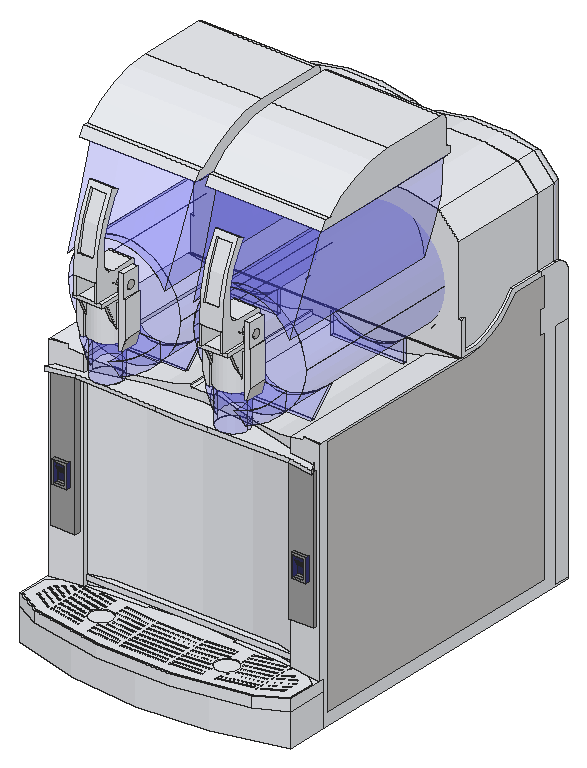
Revit family "QF_ELECTROLUXPROFESSIONAL_560022_NINA2", category Specialty Equipment, Revit 2018 (continued)
Automatic sketch dimensions
  Extrusion 11 sketch curve to Extrusion 11 sketch curve = 2.477 mm  (x2)
  Extrusion 11 sketch curve to Extrusion 11 sketch curve = 5.827 mm  (x2)
  Extrusion 11 sketch curve to Extrusion 11 sketch curve = 20.0 mm
  Extrusion 11 sketch curve to plane 12 = 92.565 mm  (x2)
  plane 8 "RIGHT" to Extrusion 12 sketch curve = 0.0 mm
  Extrusion 12 sketch curve to plane 3 "Center (Left/Right)" = 0.0 mm
  Extrusion 12 sketch curve to plane 7 "LEFT" = 0.0 mm
  plane 8 "RIGHT" to Extrusion 12 sketch curve = 3.0 mm
  plane 8 "RIGHT" to Extrusion 12 sketch curve = 23.451 mm
  plane 3 "Center (Left/Right)" to Extrusion 12 sketch curve = 65.0 mm
  plane 3 "Center (Left/Right)" to Extrusion 12 sketch curve = 13.451 mm
  Extrusion 12 sketch curve to plane 3 "Center (Left/Right)" = 13.451 mm
  Extrusion 12 sketch curve to plane 3 "Center (Left/Right)" = 65.0 mm
  plane 7 "LEFT" to Extrusion 12 sketch curve = 23.451 mm
  plane 7 "LEFT" to Extrusion 12 sketch curve = 3.0 mm
  plane 4 "FEET" to Extrusion 12 sketch curve = 205.938 mm
  Extrusion 12 sketch curve to Extrusion 12 sketch curve = 0.0 mm
  Extrusion 12 sketch curve to Extrusion 12 sketch curve = 35.215 mm
  Extrusion 12 sketch curve to Extrusion 12 sketch curve = 58.594 mm
  Extrusion 12 sketch curve to Extrusion 12 sketch curve = 58.604 mm
  Extrusion 12 sketch curve to Extrusion 12 sketch curve = 71.542 mm
  Extrusion 12 sketch curve to Extrusion 12 sketch curve = 71.552 mm
  Extrusion 12 sketch curve to plane 12 = 99.151 mm
  Extrusion 12 sketch curve to Extrusion 12 sketch curve = 5.164 mm
  Extrusion 12 sketch curve to Extrusion 12 sketch curve = 22.714 mm
  plane 8 "RIGHT" to Sweep 13 sketch curve = 0.0 mm
  Sweep 13 sketch curve to plane 3 "Center (Left/Right)" = 0.0 mm
  Sweep 13 sketch curve to plane 7 "LEFT" = 0.0 mm
  plane 8 "RIGHT" to Sweep 13 sketch curve = 3.0 mm
  plane 8 "RIGHT" to Sweep 13 sketch curve = 23.451 mm
  plane 3 "Center (Left/Right)" to Sweep 13 sketch curve = 65.0 mm
  plane 3 "Center (Left/Right)" to Sweep 13 sketch curve = 13.451 mm
  Sweep 13 sketch curve to plane 3 "Center (Left/Right)" = 13.451 mm
  Sweep 13 sketch curve to plane 3 "Center (Left/Right)" = 65.0 mm
  plane 7 "LEFT" to Sweep 13 sketch curve = 23.451 mm
  plane 7 "LEFT" to Sweep 13 sketch curve = 3.0 mm
  plane 4 "FEET" to Sweep 13 sketch curve = 205.938 mm
  Sweep 13 sketch curve to Sweep 13 sketch curve = 0.0 mm
  Sweep 13 sketch curve to Sweep 13 sketch curve = 93.809 mm
  Sweep 13 sketch curve to Sweep 13 sketch curve = 93.819 mm
  Sweep 13 sketch curve to Sweep 13 sketch curve = 71.552 mm
  Sweep 13 sketch curve to Sweep 13 sketch curve = 71.542 mm
  Sweep 13 sketch curve to plane 12 = 99.151 mm
  Sweep 13 sketch curve to Sweep 13 sketch curve = 5.164 mm  (x2)
  Sweep 13 sketch curve to profile plane = 0.0 mm
  plane 6 "BACK" to Sweep 13 sketch curve = 0.0 mm
  Sweep 13 sketch curve to Sweep 13 sketch curve = 14.0 mm
  plane 8 "RIGHT" to Extrusion 14 sketch curve = 26.817 mm
  Extrusion 14 sketch curve to Extrusion 14 sketch curve = 48.183 mm  (x2)
  plane 3 "Center (Left/Right)" to Extrusion 14 sketch curve = 16.817 mm
  Extrusion 14 sketch curve to plane 3 "Center (Left/Right)" = 16.817 mm
  plane 7 "LEFT" to Extrusion 14 sketch curve = 26.817 mm
  Extrusion 14 sketch curve to plane 12 = 241.012 mm
  Extrusion 14 sketch curve to Extrusion 14 sketch curve = 0.0 mm
  Extrusion 14 sketch curve to Extrusion 14 sketch curve = 18.033 mm  (x2)
  Extrusion 14 sketch curve to Extrusion 14 sketch curve = 90.124 mm  (x2)
  plane 8 "RIGHT" to Extrusion 15 sketch curve = 0.0 mm
  Extrusion 15 sketch curve to plane 7 "LEFT" = 0.0 mm
  plane 3 "Center (Left/Right)" to Extrusion 15 sketch curve = 56.141 mm
  Extrusion 15 sketch curve to plane 3 "Center (Left/Right)" = 56.141 mm
  plane 4 "FEET" to Extrusion 15 sketch curve = 2.0 mm  (x2)
  Extrusion 15 sketch curve to Extrusion 15 sketch curve = 28.419 mm
  Extrusion 15 sketch curve to Extrusion 15 sketch curve = 210.734 mm
  Extrusion 16 sketch curve to plane 9 = 72.46 mm
  Extrusion 16 sketch curve to plane 9 = 69.326 mm
  Extrusion 16 sketch curve to plane 9 = 8.015 mm
  plane 9 to Extrusion 16 sketch curve = 30.0 mm
  Extrusion 16 sketch curve to plane 12 = 225.0 mm
  Extrusion 16 sketch curve to Extrusion 16 sketch curve = 31.747 mm
  plane 9 to Extrusion 17 sketch curve = 30.0 mm
  Extrusion 17 sketch curve to plane 9 = 8.015 mm
  Extrusion 17 sketch curve to plane 9 = 53.679 mm
  Extrusion 17 sketch curve to plane 9 = 69.326 mm
  Extrusion 17 sketch curve to plane 12 = 223.415 mm
  Extrusion 17 sketch curve to Extrusion 17 sketch curve = 30.162 mm
  Extrusion 18 sketch curve to plane 9 = 72.418 mm
  Extrusion 18 sketch curve to plane 9 = 69.326 mm
  Extrusion 18 sketch curve to Extrusion 18 sketch curve = 6.226 mm
  Extrusion 18 sketch curve to Extrusion 18 sketch curve = 14.345 mm
  plane 9 to Extrusion 18 sketch curve = 30.0 mm
  Extrusion 18 sketch curve to plane 12 = 150.078 mm
  Extrusion 18 sketch curve to Extrusion 18 sketch curve = 72.922 mm
  Extrusion 18 sketch curve to Extrusion 18 sketch curve = 5.0 mm
  Extrusion 19 sketch curve to Extrusion 19 sketch curve = 0.0 mm  (x2)
  plane 4 "FEET" to Extrusion 19 sketch curve = 12.0 mm
  plane 9 to Extrusion 19 sketch curve = 30.0 mm
  Extrusion 19 sketch curve to plane 9 = 8.015 mm
  Extrusion 19 sketch curve to plane 9 = 66.192 mm
  Extrusion 19 sketch curve to plane 9 = 69.326 mm
  plane 10 to Extrusion 19 sketch curve = 20.0 mm
  Extrusion 19 sketch curve to plane 12 = 225.0 mm
  Extrusion 19 sketch curve to Extrusion 19 sketch curve = 31.747 mm
  Extrusion 19 sketch curve to Extrusion 19 sketch curve = 14.345 mm
  plane 8 "RIGHT" to Extrusion 20 sketch curve = 0.0 mm
  Extrusion 20 sketch curve to plane 3 "Center (Left/Right)" = 0.0 mm
  Extrusion 20 sketch curve to plane 7 "LEFT" = 0.0 mm
  Extrusion 20 sketch curve to Extrusion 20 sketch curve = 3.0 mm
  plane 8 "RIGHT" to Extrusion 20 sketch curve = 23.451 mm
  plane 3 "Center (Left/Right)" to Extrusion 20 sketch curve = 65.0 mm
  plane 3 "Center (Left/Right)" to Extrusion 20 sketch curve = 13.451 mm
  Extrusion 20 sketch curve to plane 3 "Center (Left/Right)" = 13.451 mm
  Extrusion 20 sketch curve to plane 3 "Center (Left/Right)" = 65.0 mm
  plane 7 "LEFT" to Extrusion 20 sketch curve = 23.451 mm
  plane 7 "LEFT" to Extrusion 20 sketch curve = 3.0 mm
  plane 4 "FEET" to Extrusion 20 sketch curve = 205.938 mm
  Extrusion 20 sketch curve to Extrusion 20 sketch curve = 0.0 mm
  Extrusion 20 sketch curve to Extrusion 20 sketch curve = 59.062 mm
  Extrusion 20 sketch curve to Extrusion 20 sketch curve = 34.747 mm
  Extrusion 20 sketch curve to Extrusion 20 sketch curve = 34.757 mm
  Extrusion 20 sketch curve to Extrusion 20 sketch curve = 71.542 mm
  Extrusion 20 sketch curve to Extrusion 20 sketch curve = 71.552 mm
  Extrusion 20 sketch curve to plane 12 = 108.927 mm
  Extrusion 20 sketch curve to Extrusion 20 sketch curve = 22.714 mm  (x2)
  plane 10 to Extrusion 21 sketch curve = 4.147 mm
  Extrusion 21 sketch curve to Extrusion 21 sketch curve = 3.308 mm
  Extrusion 21 sketch curve to Extrusion 21 sketch curve = 0.157 mm
  Extrusion 21 sketch curve to Extrusion 21 sketch curve = 2.546 mm
  plane 4 "FEET" to Extrusion 21 sketch curve = 140.394 mm
  Extrusion 21 sketch curve to Extrusion 21 sketch curve = 7.648 mm
  Extrusion 21 sketch curve to Extrusion 21 sketch curve = 2.987 mm
  Extrusion 21 sketch curve to Extrusion 21 sketch curve = 3.069 mm
  plane 8 "RIGHT" to Extrusion 23 sketch curve = 33.046 mm
  plane 7 "LEFT" to Extrusion 23 sketch curve = 33.046 mm
  plane 4 "FEET" to Extrusion 23 sketch curve = 50.037 mm
  Extrusion 23 sketch curve to Extrusion 23 sketch curve = 5.468 mm
  Extrusion 25 sketch curve to Extrusion 25 sketch curve = 0.0 mm  (x8237)
  Extrusion 25 sketch curve to plane 3 "Center (Left/Right)" = 0.0 mm  (x2)
  Extrusion 25 sketch curve to plane 3 "Center (Left/Right)" = 23.123 mm  (x2)
  Extrusion 25 sketch curve to plane 10 = 2.831 mm
  Extrusion 25 sketch curve to Extrusion 25 sketch curve = 3.819 mm  (x18)
  Extrusion 25 sketch curve to plane 10 = 0.587 mm  (x2)
  Extrusion 25 sketch curve to Extrusion 25 sketch curve = 18.011 mm  (x2)
  Extrusion 25 sketch curve to Extrusion 25 sketch curve = 24.069 mm  (x2)
  Extrusion 25 sketch curve to Extrusion 25 sketch curve = 1.988 mm  (x2)
  Extrusion 25 sketch curve to Extrusion 25 sketch curve = 5.672 mm  (x2)
  Extrusion 25 sketch curve to plane 10 = 5.236 mm
  Extrusion 25 sketch curve to Extrusion 25 sketch curve = 7.661 mm
  plane 10 to Extrusion 25 sketch curve = 0.828 mm
  Extrusion 25 sketch curve to Extrusion 25 sketch curve = 6.328 mm  (x2)
  Extrusion 25 sketch curve to Extrusion 25 sketch curve = 12.655 mm  (x4)
  Extrusion 25 sketch curve to plane 10 = 1.151 mm  (x2)
  Extrusion 25 sketch curve to Extrusion 25 sketch curve = 2.84 mm  (x2)
  Extrusion 25 sketch curve to Extrusion 25 sketch curve = 3.896 mm  (x2)
  Extrusion 25 sketch curve to Extrusion 25 sketch curve = 3.69 mm  (x2)
  Extrusion 25 sketch curve to Extrusion 25 sketch curve = 2.634 mm  (x2)
  Extrusion 25 sketch curve to Extrusion 25 sketch curve = 17.479 mm  (x2)
  Extrusion 25 sketch curve to Extrusion 25 sketch curve = 15.901 mm  (x2)
  Extrusion 25 sketch curve to Extrusion 25 sketch curve = 26.85 mm
  Extrusion 25 sketch curve to plane 10 = 1.967 mm
  Extrusion 25 sketch curve to plane 10 = 1.645 mm  (x2)
  Extrusion 25 sketch curve to Extrusion 25 sketch curve = 2.653 mm  (x14)
  plane 10 to Extrusion 25 sketch curve = 2.928 mm  (x2)
  Extrusion 25 sketch curve to plane 10 = 8.505 mm
  plane 10 to Extrusion 25 sketch curve = 12.867 mm  (x2)
  Extrusion 25 sketch curve to Extrusion 25 sketch curve = 1.429 mm  (x2)
  plane 10 to Extrusion 25 sketch curve = 11.52 mm  (x2)
  Extrusion 25 sketch curve to Extrusion 25 sketch curve = 1.695 mm  (x8)
  plane 5 "FRONT" to Extrusion 25 sketch curve = 16.02 mm  (x2)
  Extrusion 25 sketch curve to Extrusion 25 sketch curve = 4.196 mm
  plane 10 to Extrusion 25 sketch curve = 8.825 mm  (x2)
  Extrusion 25 sketch curve to Extrusion 25 sketch curve = 3.389 mm  (x6)
  plane 10 to Extrusion 25 sketch curve = 7.478 mm  (x2)
  plane 10 to Extrusion 25 sketch curve = 4.783 mm  (x2)
  plane 10 to Extrusion 25 sketch curve = 3.436 mm  (x2)
  Extrusion 25 sketch curve to Extrusion 25 sketch curve = 7.773 mm  (x2)
  plane 10 to Extrusion 25 sketch curve = 0.741 mm  (x2)
  Extrusion 25 sketch curve to plane 10 = 0.606 mm  (x2)
  Extrusion 25 sketch curve to Extrusion 25 sketch curve = 2.264 mm  (x2)
  plane 7 "LEFT" to Extrusion 25 sketch curve = 2.0 mm
  Extrusion 25 sketch curve to plane 10 = 8.841 mm
  plane 3 "Center (Left/Right)" to Extrusion 25 sketch curve = 23.123 mm
  plane 10 to Extrusion 25 sketch curve = 5.183 mm
  Extrusion 25 sketch curve to plane 10 = 0.827 mm
  plane 10 to Extrusion 25 sketch curve = 8.918 mm
  Extrusion 25 sketch curve to Extrusion 25 sketch curve = 13.718 mm
  plane 10 to Extrusion 25 sketch curve = 2.85 mm
  plane 10 to Extrusion 25 sketch curve = 2.914 mm  (x2)
  Extrusion 25 sketch curve to plane 10 = 3.183 mm
  plane 10 to Extrusion 25 sketch curve = 0.101 mm
  Extrusion 25 sketch curve to plane 10 = 10.792 mm
  plane 8 "RIGHT" to Extrusion 25 sketch curve = 12.0 mm
  plane 8 "RIGHT" to Extrusion 25 sketch curve = 2.0 mm
  plane 5 "FRONT" to Extrusion 25 sketch curve = 15.922 mm  (x2)
  Extrusion 25 sketch curve to Extrusion 25 sketch curve = 2.004 mm  (x14)
  Extrusion 25 sketch curve to Extrusion 25 sketch curve = 0.218 mm
  Extrusion 25 sketch curve to Extrusion 25 sketch curve = 2.003 mm  (x8)
  Extrusion 25 sketch curve to plane 5 "FRONT" = 230.366 mm
  Extrusion 25 sketch curve to Extrusion 25 sketch curve = 3.004 mm
  Extrusion 25 sketch curve to Extrusion 25 sketch curve = 0.131 mm  (x2)
  Extrusion 25 sketch curve to Extrusion 25 sketch curve = 3.006 mm  (x2)
  Extrusion 25 sketch curve to Extrusion 25 sketch curve = 2.027 mm  (x4)
  Extrusion 25 sketch curve to Extrusion 25 sketch curve = 3.041 mm  (x2)
  Extrusion 25 sketch curve to Extrusion 25 sketch curve = 4.006 mm  (x4)
  Extrusion 25 sketch curve to Extrusion 25 sketch curve = 0.223 mm  (x2)
  Extrusion 25 sketch curve to Extrusion 25 sketch curve = 0.512 mm  (x2)
  Extrusion 25 sketch curve to Extrusion 25 sketch curve = 2.287 mm  (x17)
  Extrusion 25 sketch curve to Extrusion 25 sketch curve = 4.543 mm  (x2)
  Extrusion 25 sketch curve to Extrusion 25 sketch curve = 0.226 mm  (x2)
  Extrusion 25 sketch curve to plane 10 = 25.822 mm  (x2)
  Extrusion 25 sketch curve to Extrusion 25 sketch curve = 2.031 mm  (x2)
  Extrusion 25 sketch curve to Extrusion 25 sketch curve = 0.162 mm  (x2)
  Extrusion 25 sketch curve to Extrusion 25 sketch curve = 0.229 mm  (x2)
  Extrusion 25 sketch curve to Extrusion 25 sketch curve = 4.735 mm  (x2)
  Extrusion 25 sketch curve to Extrusion 25 sketch curve = 5.89 mm  (x2)
  Extrusion 25 sketch curve to Extrusion 25 sketch curve = 2.035 mm  (x2)
  Extrusion 25 sketch curve to Extrusion 25 sketch curve = 0.837 mm  (x2)
  Extrusion 25 sketch curve to Extrusion 25 sketch curve = 10.71 mm
  Extrusion 25 sketch curve to Extrusion 25 sketch curve = 9.076 mm
  Extrusion 25 sketch curve to Extrusion 25 sketch curve = 0.233 mm  (x2)
  Extrusion 25 sketch curve to Extrusion 25 sketch curve = 4.071 mm  (x2)
  Extrusion 25 sketch curve to Extrusion 25 sketch curve = 4.573 mm  (x4)
  Extrusion 25 sketch curve to Extrusion 25 sketch curve = 2.036 mm  (x2)
  Extrusion 25 sketch curve to Extrusion 25 sketch curve = 0.236 mm
  Extrusion 25 sketch curve to Extrusion 25 sketch curve = 2.034 mm  (x4)
  Extrusion 25 sketch curve to Extrusion 25 sketch curve = 1.965 mm
  Extrusion 25 sketch curve to Extrusion 25 sketch curve = 2.032 mm
  Extrusion 25 sketch curve to Extrusion 25 sketch curve = 2.005 mm  (x3)
  plane 10 to Extrusion 25 sketch curve = 2.419 mm  (x2)
  plane 10 to Extrusion 25 sketch curve = 3.423 mm
  Extrusion 25 sketch curve to Extrusion 25 sketch curve = 2.033 mm  (x2)
  Extrusion 25 sketch curve to Extrusion 25 sketch curve = 4.067 mm  (x2)
  Extrusion 25 sketch curve to Extrusion 25 sketch curve = 0.665 mm  (x2)
  Extrusion 25 sketch curve to Extrusion 25 sketch curve = 0.792 mm  (x2)
  Extrusion 25 sketch curve to Extrusion 25 sketch curve = 6.595 mm  (x2)
  Extrusion 25 sketch curve to Extrusion 25 sketch curve = 8.988 mm
  Extrusion 25 sketch curve to Extrusion 25 sketch curve = 9.498 mm
  Extrusion 25 sketch curve to Extrusion 25 sketch curve = 2.536 mm
  Extrusion 26 sketch curve to plane 6 "BACK" = 0.0 mm
  plane 7 "LEFT" to Extrusion 26 sketch curve = 30.0 mm
  Extrusion 26 sketch curve to plane 3 "Center (Left/Right)" = 25.251 mm
  plane 3 "Center (Left/Right)" to Extrusion 26 sketch curve = 25.251 mm
  plane 8 "RIGHT" to Extrusion 26 sketch curve = 30.0 mm
  Extrusion 26 sketch curve to plane 6 "BACK" = 24.749 mm  (x2)
  Extrusion 26 sketch curve to Extrusion 26 sketch curve = 10.251 mm
  Extrusion 27 sketch curve to plane 3 "Center (Left/Right)" = 0.0 mm
  plane 4 "FEET" to Extrusion 27 sketch curve = 15.877 mm
  Extrusion 28 sketch curve to plane 7 "LEFT" = 4.096 mm
  Extrusion 28 sketch curve to Extrusion 28 sketch curve = 25.0 mm
  Extrusion 28 sketch curve to plane 4 "FEET" = 94.631 mm
  Extrusion 28 sketch curve to Extrusion 28 sketch curve = 145.0 mm
  Split face 1 sketch curve to Extrusion 28 = 6.447 mm
  Split face 1 sketch curve to Split face 1 sketch curve = 3.978 mm  (x5)
  Split face 1 sketch curve to Split face 1 sketch curve = 0.0 mm  (x2)
  Split face 1 sketch curve to Split face 1 sketch curve = 2.532 mm  (x3)
  Split face 1 sketch curve to Extrusion 28 = 22.468 mm
  Split face 2 sketch curve to Extrusion 28 = 6.447 mm
  Split face 2 sketch curve to Extrusion 28 = 8.065 mm
  Split face 2 sketch curve to Extrusion 28 = 30.309 mm
  Split face 2 sketch curve to Split face 2 sketch curve = 2.532 mm
  Split face 3 sketch curve to Extrusion 28 = 8.617 mm
  Split face 3 sketch curve to Split face 3 sketch curve = 5.967 mm
  Split face 3 sketch curve to Extrusion 28 = 29.43 mm
  Split face 3 sketch curve to Split face 3 sketch curve = 2.441 mm
  Split face 4 sketch curve to Extrusion 28 = 8.617 mm
  Split face 4 sketch curve to Split face 4 sketch curve = 5.967 mm
  Split face 4 sketch curve to Extrusion 28 = 32.956 mm
  Split face 4 sketch curve to Split face 4 sketch curve = 2.441 mm
  Split face 5 sketch curve to Extrusion 28 = 8.617 mm
  Split face 5 sketch curve to Split face 5 sketch curve = 5.967 mm
  Split face 5 sketch curve to Extrusion 28 = 36.392 mm
  Split face 5 sketch curve to Split face 5 sketch curve = 2.441 mm
  Split face 6 sketch curve to Extrusion 28 = 8.617 mm
  Split face 6 sketch curve to Split face 6 sketch curve = 5.967 mm
  Split face 6 sketch curve to Extrusion 28 = 39.918 mm
  Split face 6 sketch curve to Split face 6 sketch curve = 2.441 mm
  Split face 7 sketch curve to Extrusion 28 = 8.617 mm
  Split face 7 sketch curve to Split face 7 sketch curve = 5.967 mm
  Split face 7 sketch curve to Extrusion 28 = 43.43 mm
  Split face 7 sketch curve to Split face 7 sketch curve = 2.441 mm
  Split face 8 sketch curve to Extrusion 28 = 8.617 mm
  Split face 8 sketch curve to Split face 8 sketch curve = 5.967 mm
  Split face 8 sketch curve to Extrusion 28 = 46.956 mm
  Split face 8 sketch curve to Split face 8 sketch curve = 2.441 mm
  Split face 9 sketch curve to Extrusion 28 = 8.617 mm
  Split face 9 sketch curve to Split face 9 sketch curve = 5.967 mm
  Split face 9 sketch curve to Extrusion 28 = 50.392 mm
  Split face 9 sketch curve to Split face 9 sketch curve = 2.441 mm
  Split face 10 sketch curve to Extrusion 28 = 8.617 mm
  Split face 10 sketch curve to Split face 10 sketch curve = 5.967 mm
  Split face 10 sketch curve to Extrusion 28 = 53.918 mm
  Split face 10 sketch curve to Split face 10 sketch curve = 2.441 mm
  Extrusion 29 sketch curve to plane 7 "LEFT" = 8.743 mm
  Extrusion 29 sketch curve to Extrusion 29 sketch curve = 2.0 mm  (x4)
  Extrusion 29 sketch curve to Extrusion 29 sketch curve = 11.0 mm
  Extrusion 29 sketch curve to plane 4 "FEET" = 136.212 mm
  Extrusion 29 sketch curve to Extrusion 29 sketch curve = 19.822 mm
  plane 10 to Extrusion 30 sketch curve = 4.147 mm
  Extrusion 30 sketch curve to Extrusion 30 sketch curve = 3.308 mm
  Extrusion 30 sketch curve to Extrusion 30 sketch curve = 0.157 mm
  Extrusion 30 sketch curve to Extrusion 30 sketch curve = 2.546 mm
  plane 4 "FEET" to Extrusion 30 sketch curve = 154.994 mm
  Extrusion 30 sketch curve to Extrusion 30 sketch curve = 0.896 mm
  Extrusion 30 sketch curve to Extrusion 30 sketch curve = 2.987 mm
  Extrusion 30 sketch curve to Extrusion 30 sketch curve = 7.648 mm
  plane 8 "RIGHT" to Extrusion 31 sketch curve = 4.096 mm
  Extrusion 31 sketch curve to Extrusion 31 sketch curve = 25.0 mm
  plane 4 "FEET" to Extrusion 31 sketch curve = 94.631 mm
  Extrusion 31 sketch curve to Extrusion 31 sketch curve = 145.0 mm
  Split face 11 sketch curve to Extrusion 31 = 6.447 mm
  Split face 11 sketch curve to Split face 11 sketch curve = 3.978 mm  (x5)
  Split face 11 sketch curve to Split face 11 sketch curve = 0.0 mm  (x2)
  Split face 11 sketch curve to Split face 11 sketch curve = 2.532 mm  (x3)
  Split face 11 sketch curve to Extrusion 31 = 22.468 mm
  Split face 12 sketch curve to Extrusion 31 = 6.447 mm
  Split face 12 sketch curve to Extrusion 31 = 8.065 mm
  Split face 12 sketch curve to Extrusion 31 = 30.309 mm
  Split face 12 sketch curve to Split face 12 sketch curve = 2.532 mm
  Split face 13 sketch curve to Extrusion 31 = 8.617 mm
  Split face 13 sketch curve to Split face 13 sketch curve = 5.967 mm
  Split face 13 sketch curve to Extrusion 31 = 29.43 mm
  Split face 13 sketch curve to Split face 13 sketch curve = 2.441 mm
  Split face 14 sketch curve to Extrusion 31 = 8.617 mm
  Split face 14 sketch curve to Split face 14 sketch curve = 5.967 mm
  Split face 14 sketch curve to Extrusion 31 = 32.956 mm
  Split face 14 sketch curve to Split face 14 sketch curve = 2.441 mm
  Split face 15 sketch curve to Extrusion 31 = 8.617 mm
  Split face 15 sketch curve to Split face 15 sketch curve = 5.967 mm
  Split face 15 sketch curve to Extrusion 31 = 36.392 mm
  Split face 15 sketch curve to Split face 15 sketch curve = 2.441 mm
  Split face 16 sketch curve to Extrusion 31 = 8.617 mm
  Split face 16 sketch curve to Split face 16 sketch curve = 5.967 mm
  Split face 16 sketch curve to Extrusion 31 = 39.918 mm
  Split face 16 sketch curve to Split face 16 sketch curve = 2.441 mm
  Split face 17 sketch curve to Extrusion 31 = 8.617 mm
  Split face 17 sketch curve to Split face 17 sketch curve = 5.967 mm
  Split face 17 sketch curve to Extrusion 31 = 43.43 mm
  Split face 17 sketch curve to Split face 17 sketch curve = 2.441 mm
  Split face 18 sketch curve to Extrusion 31 = 8.617 mm
  Split face 18 sketch curve to Split face 18 sketch curve = 5.967 mm
  Split face 18 sketch curve to Extrusion 31 = 46.956 mm
  Split face 18 sketch curve to Split face 18 sketch curve = 2.441 mm
  Split face 19 sketch curve to Extrusion 31 = 8.617 mm
  Split face 19 sketch curve to Split face 19 sketch curve = 5.967 mm
  Split face 19 sketch curve to Extrusion 31 = 50.392 mm
  Split face 19 sketch curve to Split face 19 sketch curve = 2.441 mm
  Split face 20 sketch curve to Extrusion 31 = 8.617 mm
  Split face 20 sketch curve to Split face 20 sketch curve = 5.967 mm
  Split face 20 sketch curve to Extrusion 31 = 53.918 mm
  Split face 20 sketch curve to Split face 20 sketch curve = 2.441 mm
  plane 8 "RIGHT" to Extrusion 32 sketch curve = 8.743 mm
  Extrusion 32 sketch curve to Extrusion 32 sketch curve = 2.0 mm  (x4)
  Extrusion 32 sketch curve to Extrusion 32 sketch curve = 11.0 mm
  plane 4 "FEET" to Extrusion 32 sketch curve = 136.212 mm
  Extrusion 32 sketch curve to Extrusion 32 sketch curve = 19.822 mm
  Extrusion 33 sketch curve to Extrusion 33 sketch curve = 0.0 mm  (x2)
  plane 4 "FEET" to Extrusion 33 sketch curve = 12.0 mm
  plane 9 to Extrusion 33 sketch curve = 30.0 mm
  Extrusion 33 sketch curve to plane 9 = 4.783 mm
  Extrusion 33 sketch curve to plane 9 = 66.192 mm
  Extrusion 33 sketch curve to plane 9 = 69.326 mm
  plane 10 to Extrusion 33 sketch curve = 20.0 mm
  Extrusion 33 sketch curve to plane 12 = 225.0 mm
  Extrusion 33 sketch curve to Extrusion 33 sketch curve = 36.747 mm
  Extrusion 33 sketch curve to Extrusion 33 sketch curve = 14.345 mm
  Extrusion 34 sketch curve to plane 9 = 8.356 mm
  Extrusion 34 sketch curve to plane 9 = 69.326 mm
  Extrusion 34 sketch curve to Extrusion 34 sketch curve = 3.092 mm
  Extrusion 34 sketch curve to plane 12 = 219.997 mm
  Extrusion 34 sketch curve to Extrusion 34 sketch curve = 35.554 mm
  plane 4 "FEET" to Extrusion 35 sketch curve = 12.0 mm
  plane 9 to Extrusion 35 sketch curve = 30.0 mm
  Extrusion 35 sketch curve to plane 9 = 51.847 mm
  Extrusion 35 sketch curve to Extrusion 35 sketch curve = 14.345 mm
  Extrusion 35 sketch curve to plane 9 = 69.326 mm
  plane 10 to Extrusion 35 sketch curve = 20.0 mm
  Extrusion 35 sketch curve to plane 12 = 225.0 mm
  Extrusion 35 sketch curve to Extrusion 35 sketch curve = 2.0 mm
  Extrusion 36 sketch curve to plane 9 = 8.356 mm
  Extrusion 36 sketch curve to plane 9 = 69.326 mm
  Extrusion 36 sketch curve to Extrusion 36 sketch curve = 3.092 mm
  Extrusion 36 sketch curve to plane 12 = 150.078 mm
  Extrusion 36 sketch curve to Extrusion 36 sketch curve = 34.365 mm
  Extrusion 37 sketch curve to plane 9 = 69.326 mm
  Extrusion 37 sketch curve to plane 9 = 51.847 mm
  Extrusion 37 sketch curve to plane 9 = 8.015 mm
  plane 9 to Extrusion 37 sketch curve = 30.0 mm
  Extrusion 37 sketch curve to plane 12 = 223.0 mm
  Extrusion 37 sketch curve to Extrusion 37 sketch curve = 29.747 mm
  plane 10 to Extrusion 38 sketch curve = 20.0 mm
  Extrusion 38 sketch curve to plane 9 = 69.326 mm
  Extrusion 38 sketch curve to plane 9 = 66.192 mm
  Extrusion 38 sketch curve to plane 9 = 8.015 mm
  plane 9 to Extrusion 38 sketch curve = 30.0 mm
  plane 4 "FEET" to Extrusion 38 sketch curve = 12.0 mm
  Extrusion 38 sketch curve to plane 12 = 225.0 mm
  Extrusion 38 sketch curve to Extrusion 38 sketch curve = 31.747 mm
  Extrusion 39 sketch curve to plane 3 "Center (Left/Right)" = 0.0 mm  (x2)
  plane 10 to Extrusion 39 sketch curve = 5.427 mm  (x2)
  Extrusion 39 sketch curve to plane 3 "Center (Left/Right)" = 26.943 mm
  plane 7 "LEFT" to Extrusion 39 sketch curve = 33.046 mm
  plane 10 to Extrusion 39 sketch curve = 7.5 mm  (x2)
  Extrusion 39 sketch curve to Extrusion 39 sketch curve = 3.95 mm  (x2)
  plane 7 "LEFT" to Extrusion 39 sketch curve = 10.082 mm
  plane 7 "LEFT" to Extrusion 39 sketch curve = 2.0 mm
  plane 8 "RIGHT" to Extrusion 39 sketch curve = 33.046 mm
  plane 8 "RIGHT" to Extrusion 39 sketch curve = 10.082 mm
  plane 8 "RIGHT" to Extrusion 39 sketch curve = 2.0 mm
  plane 10 to Extrusion 39 sketch curve = 2.419 mm  (x2)
  Extrusion 39 sketch curve to plane 5 "FRONT" = 230.366 mm
  Extrusion 39 sketch curve to Extrusion 39 sketch curve = 13.998 mm  (x2)
  Extrusion 39 sketch curve to Extrusion 39 sketch curve = 12.144 mm  (x2)
  Extrusion 39 sketch curve to Extrusion 39 sketch curve = 3.029 mm
  Extrusion 39 sketch curve to plane 9 = 15.14 mm
  Extrusion 40 sketch curve to plane 7 "LEFT" = 0.0 mm
  Extrusion 40 sketch curve to plane 3 "Center (Left/Right)" = 0.0 mm  (x2)
  Extrusion 40 sketch curve to plane 8 "RIGHT" = 0.0 mm
  plane 5 "FRONT" to Extrusion 40 sketch curve = 14.146 mm  (x2)
  plane 7 "LEFT" to Extrusion 40 sketch curve = 27.699 mm
  plane 7 "LEFT" to Extrusion 40 sketch curve = 33.046 mm
  plane 8 "RIGHT" to Extrusion 40 sketch curve = 33.046 mm
  Extrusion 40 sketch curve to plane 5 "FRONT" = 230.366 mm
  Extrusion 40 sketch curve to plane 10 = 27.0 mm  (x2)
  plane 10 to Extrusion 40 sketch curve = 15.0 mm  (x2)
  plane 10 to Extrusion 40 sketch curve = 19.644 mm  (x2)
  Extrusion 40 sketch curve to Extrusion 40 sketch curve = 3.029 mm
  plane 6 "BACK" to Extrusion 40 sketch curve = 65.331 mm
  Extrusion 24 sketch curve to plane 3 "Center (Left/Right)" = 0.0 mm  (x2)
  plane 7 "LEFT" to Extrusion 24 sketch curve = 35.046 mm
  plane 7 "LEFT" to Extrusion 24 sketch curve = 30.675 mm
  plane 8 "RIGHT" to Extrusion 24 sketch curve = 35.046 mm
  plane 8 "RIGHT" to Extrusion 24 sketch curve = 30.675 mm
  Extrusion 24 sketch curve to plane 5 "FRONT" = 230.366 mm
  plane 5 "FRONT" to Extrusion 24 sketch curve = 21.644 mm
  plane 10 to Extrusion 24 sketch curve = 13.261 mm  (x2)
  plane 10 to Extrusion 24 sketch curve = 17.906 mm  (x2)
  Extrusion 24 sketch curve to Extrusion 24 sketch curve = 3.046 mm
  plane 6 "BACK" to Extrusion 24 sketch curve = 65.331 mm
  plane 8 "RIGHT" to Extrusion 24 sketch curve = 2.0 mm
  Extrusion 24 sketch curve to plane 10 = 18.962 mm  (x2)
  plane 7 "LEFT" to Extrusion 24 sketch curve = 2.0 mm
  Extrusion 22 sketch curve to plane 7 "LEFT" = 0.0 mm
  Extrusion 22 sketch curve to plane 3 "Center (Left/Right)" = 0.0 mm  (x2)
  Extrusion 22 sketch curve to plane 8 "RIGHT" = 0.0 mm
  plane 7 "LEFT" to Extrusion 22 sketch curve = 33.046 mm
  plane 8 "RIGHT" to Extrusion 22 sketch curve = 33.046 mm
  Extrusion 22 sketch curve to plane 5 "FRONT" = 230.366 mm
  plane 10 to Extrusion 22 sketch curve = 15.0 mm  (x2)
  plane 10 to Extrusion 22 sketch curve = 19.644 mm  (x2)
  Extrusion 22 sketch curve to Extrusion 22 sketch curve = 3.029 mm
  plane 6 "BACK" to Extrusion 22 sketch curve = 24.565 mm
  Extrusion 22 sketch curve to plane 10 = 27.0 mm
  curve 16 to curve 17 = 0.0 mm  (x2)
  curve 16 to curve 24 = 0.0 mm  (x2)
  curve 16 to curve 25 = 0.0 mm  (x2)
  curve 16 to curve 26 = 0.0 mm  (x2)
  curve 16 to curve 27 = 0.0 mm  (x2)
  curve 16 to curve 28 = 0.0 mm  (x2)
  curve 16 to curve 29 = 0.0 mm  (x2)
  curve 16 to curve 30 = 0.0 mm  (x2)
  curve 16 to curve 31 = 0.0 mm  (x2)
  curve 16 to curve 32 = 0.0 mm  (x2)
  curve 16 to curve 33 = 0.0 mm  (x2)
  curve 16 to curve 34 = 0.0 mm  (x2)
  curve 16 to curve 35 = 0.0 mm  (x2)
  curve 16 to curve 36 = 0.0 mm  (x2)
  curve 16 to curve 37 = 0.0 mm  (x2)
  curve 16 to curve 38 = 0.0 mm  (x2)
  curve 16 to curve 39 = 0.0 mm  (x2)
  curve 16 to curve 40 = 0.0 mm  (x2)
  curve 16 to curve 41 = 0.0 mm  (x2)
  curve 16 to curve 58 = 0.0 mm  (x2)
  curve 16 to curve 59 = 0.0 mm  (x2)
  curve 16 to curve 60 = 0.0 mm  (x2)
  curve 16 to curve 61 = 0.0 mm  (x2)
  curve 16 to curve 62 = 0.0 mm  (x2)
  curve 16 to curve 63 = 0.0 mm  (x2)
  curve 16 to curve 64 = 0.0 mm  (x2)
  curve 16 to curve 65 = 0.0 mm  (x2)
  curve 16 to curve 66 = 0.0 mm  (x2)
  curve 16 to curve 67 = 0.0 mm  (x2)
  curve 16 to curve 68 = 0.0 mm  (x2)
  curve 16 to curve 69 = 0.0 mm  (x2)
  curve 16 to curve 70 = 0.0 mm  (x2)
  curve 16 to curve 71 = 0.0 mm  (x2)
  curve 16 to curve 72 = 0.0 mm  (x2)
  curve 16 to curve 91 = 0.0 mm  (x2)
  curve 16 to curve 92 = 0.0 mm  (x2)
  curve 16 to curve 93 = 0.0 mm  (x2)
  curve 16 to curve 94 = 0.0 mm  (x2)
  curve 16 to curve 95 = 0.0 mm  (x2)
  curve 16 to curve 96 = 0.0 mm  (x2)
  curve 16 to curve 97 = 0.0 mm  (x2)
  curve 16 to curve 98 = 0.0 mm  (x2)
  curve 16 to curve 99 = 0.0 mm  (x2)
  curve 16 to curve 100 = 0.0 mm  (x2)
  curve 16 to curve 101 = 0.0 mm  (x2)
  curve 16 to curve 116 = 0.0 mm  (x2)
  curve 16 to curve 117 = 0.0 mm  (x2)
  curve 16 to curve 134 = 0.0 mm  (x2)
  curve 16 to curve 135 = 0.0 mm  (x2)
  curve 16 to curve 136 = 0.0 mm  (x2)
  curve 16 to curve 137 = 0.0 mm  (x2)
  curve 16 to curve 138 = 0.0 mm  (x2)
  curve 16 to curve 139 = 0.0 mm  (x2)
  curve 16 to curve 140 = 0.0 mm  (x2)
  curve 16 to curve 141 = 0.0 mm  (x2)
  curve 16 to curve 142 = 0.0 mm  (x2)
  curve 16 to curve 143 = 0.0 mm  (x2)
  curve 16 to curve 144 = 0.0 mm  (x2)
  curve 16 to curve 145 = 0.0 mm  (x2)
  curve 16 to curve 146 = 0.0 mm  (x2)
  curve 16 to curve 147 = 0.0 mm  (x2)
  curve 16 to curve 148 = 0.0 mm  (x2)
  curve 16 to curve 167 = 0.0 mm  (x2)
  curve 16 to curve 168 = 0.0 mm  (x2)
  curve 16 to curve 169 = 0.0 mm  (x2)
  curve 16 to curve 170 = 0.0 mm  (x2)
  curve 16 to curve 171 = 0.0 mm  (x2)
  curve 16 to curve 172 = 0.0 mm  (x2)
  curve 16 to curve 173 = 0.0 mm  (x2)
  curve 16 to curve 174 = 0.0 mm  (x2)
  curve 16 to curve 175 = 0.0 mm  (x2)
  curve 16 to curve 176 = 0.0 mm  (x2)
  curve 16 to curve 177 = 0.0 mm  (x2)
  curve 17 to curve 24 = 0.0 mm  (x2)
  curve 17 to curve 25 = 0.0 mm  (x2)
  curve 17 to curve 26 = 0.0 mm  (x2)
  curve 17 to curve 27 = 0.0 mm  (x2)
  curve 17 to curve 28 = 0.0 mm  (x2)
  curve 17 to curve 29 = 0.0 mm  (x2)
  curve 17 to curve 30 = 0.0 mm  (x2)
  curve 17 to curve 31 = 0.0 mm  (x2)
  curve 17 to curve 32 = 0.0 mm  (x2)
  curve 17 to curve 33 = 0.0 mm  (x2)
  curve 17 to curve 34 = 0.0 mm  (x2)
  curve 17 to curve 35 = 0.0 mm  (x2)
  curve 17 to curve 36 = 0.0 mm  (x2)
  curve 17 to curve 37 = 0.0 mm  (x2)
  curve 17 to curve 38 = 0.0 mm  (x2)
  curve 17 to curve 39 = 0.0 mm  (x2)
  curve 17 to curve 40 = 0.0 mm  (x2)
  curve 17 to curve 41 = 0.0 mm  (x2)
  curve 17 to curve 58 = 0.0 mm  (x2)
  curve 17 to curve 59 = 0.0 mm  (x2)
  curve 17 to curve 60 = 0.0 mm  (x2)
  curve 17 to curve 61 = 0.0 mm  (x2)
  curve 17 to curve 62 = 0.0 mm  (x2)
  curve 17 to curve 63 = 0.0 mm  (x2)
  curve 17 to curve 64 = 0.0 mm  (x2)
  curve 17 to curve 65 = 0.0 mm  (x2)
  curve 17 to curve 66 = 0.0 mm  (x2)
  curve 17 to curve 67 = 0.0 mm  (x2)
  curve 17 to curve 68 = 0.0 mm  (x2)
  curve 17 to curve 69 = 0.0 mm  (x2)
  curve 17 to curve 70 = 0.0 mm  (x2)
  curve 17 to curve 71 = 0.0 mm  (x2)
  curve 17 to curve 72 = 0.0 mm  (x2)
  curve 17 to curve 91 = 0.0 mm  (x2)
  curve 17 to curve 92 = 0.0 mm  (x2)
  curve 17 to curve 93 = 0.0 mm  (x2)
  curve 17 to curve 94 = 0.0 mm  (x2)
  curve 17 to curve 95 = 0.0 mm  (x2)
  curve 17 to curve 96 = 0.0 mm  (x2)
  curve 17 to curve 97 = 0.0 mm  (x2)
  curve 17 to curve 98 = 0.0 mm  (x2)
  curve 17 to curve 99 = 0.0 mm  (x2)
  curve 17 to curve 100 = 0.0 mm  (x2)
  curve 17 to curve 101 = 0.0 mm  (x2)
  curve 17 to curve 116 = 0.0 mm  (x2)
  curve 17 to curve 117 = 0.0 mm  (x2)
  curve 17 to curve 134 = 0.0 mm  (x2)
  curve 17 to curve 135 = 0.0 mm  (x2)
  curve 17 to curve 136 = 0.0 mm  (x2)
  curve 17 to curve 137 = 0.0 mm  (x2)
  curve 17 to curve 138 = 0.0 mm  (x2)
  curve 17 to curve 139 = 0.0 mm  (x2)
  curve 17 to curve 140 = 0.0 mm  (x2)
  curve 17 to curve 141 = 0.0 mm  (x2)
  curve 17 to curve 142 = 0.0 mm  (x2)
  curve 17 to curve 143 = 0.0 mm  (x2)
  curve 17 to curve 144 = 0.0 mm  (x2)
  curve 17 to curve 145 = 0.0 mm  (x2)
  curve 17 to curve 146 = 0.0 mm  (x2)
  curve 17 to curve 147 = 0.0 mm  (x2)
  curve 17 to curve 148 = 0.0 mm  (x2)
  curve 17 to curve 167 = 0.0 mm  (x2)
  curve 17 to curve 168 = 0.0 mm  (x2)
  curve 17 to curve 169 = 0.0 mm  (x2)
  curve 17 to curve 170 = 0.0 mm  (x2)
  curve 17 to curve 171 = 0.0 mm  (x2)
  curve 17 to curve 172 = 0.0 mm  (x2)
  curve 17 to curve 173 = 0.0 mm  (x2)
  curve 17 to curve 174 = 0.0 mm  (x2)
  curve 17 to curve 175 = 0.0 mm  (x2)
  curve 17 to curve 176 = 0.0 mm  (x2)
  curve 17 to curve 177 = 0.0 mm  (x2)
  curve 24 to curve 25 = 0.0 mm  (x2)
  curve 24 to curve 26 = 0.0 mm  (x2)
  curve 24 to curve 27 = 0.0 mm  (x2)
  curve 24 to curve 28 = 0.0 mm  (x2)
  curve 24 to curve 29 = 0.0 mm  (x2)
  curve 24 to curve 30 = 0.0 mm  (x2)
  curve 24 to curve 31 = 0.0 mm  (x2)
  curve 24 to curve 32 = 0.0 mm  (x2)
  curve 24 to curve 33 = 0.0 mm  (x2)
  curve 24 to curve 34 = 0.0 mm  (x2)
  curve 24 to curve 35 = 0.0 mm  (x2)
  curve 24 to curve 36 = 0.0 mm  (x2)
  curve 24 to curve 37 = 0.0 mm  (x2)
  curve 24 to curve 38 = 0.0 mm  (x2)
  curve 24 to curve 39 = 0.0 mm  (x2)
  curve 24 to curve 40 = 0.0 mm  (x2)
  curve 24 to curve 41 = 0.0 mm  (x2)
  curve 24 to curve 58 = 0.0 mm  (x2)
  curve 24 to curve 59 = 0.0 mm  (x2)
  curve 24 to curve 60 = 0.0 mm  (x2)
  curve 24 to curve 61 = 0.0 mm  (x2)
  curve 24 to curve 62 = 0.0 mm  (x2)
  curve 24 to curve 63 = 0.0 mm  (x2)
  curve 24 to curve 64 = 0.0 mm  (x2)
  curve 24 to curve 65 = 0.0 mm  (x2)
  curve 24 to curve 66 = 0.0 mm  (x2)
  curve 24 to curve 67 = 0.0 mm  (x2)
  curve 24 to curve 68 = 0.0 mm  (x2)
  curve 24 to curve 69 = 0.0 mm  (x2)
  curve 24 to curve 70 = 0.0 mm  (x2)
  curve 24 to curve 71 = 0.0 mm  (x2)
  curve 24 to curve 72 = 0.0 mm  (x2)
  curve 24 to curve 91 = 0.0 mm  (x2)
  curve 24 to curve 92 = 0.0 mm  (x2)
  curve 24 to curve 93 = 0.0 mm  (x2)
  curve 24 to curve 94 = 0.0 mm  (x2)
  curve 24 to curve 95 = 0.0 mm  (x2)
  curve 24 to curve 96 = 0.0 mm  (x2)
  curve 24 to curve 97 = 0.0 mm  (x2)
  curve 24 to curve 98 = 0.0 mm  (x2)
  curve 24 to curve 99 = 0.0 mm  (x2)
  curve 24 to curve 100 = 0.0 mm  (x2)
  curve 24 to curve 101 = 0.0 mm  (x2)
  curve 24 to curve 116 = 0.0 mm  (x2)
  curve 24 to curve 117 = 0.0 mm  (x2)
  curve 24 to curve 134 = 0.0 mm  (x2)
  curve 24 to curve 135 = 0.0 mm  (x2)
  curve 24 to curve 136 = 0.0 mm  (x2)
  curve 24 to curve 137 = 0.0 mm  (x2)
  curve 24 to curve 138 = 0.0 mm  (x2)
  curve 24 to curve 139 = 0.0 mm  (x2)
  curve 24 to curve 140 = 0.0 mm  (x2)
  curve 24 to curve 141 = 0.0 mm  (x2)
  curve 24 to curve 142 = 0.0 mm  (x2)
  curve 24 to curve 143 = 0.0 mm  (x2)
  curve 24 to curve 144 = 0.0 mm  (x2)
  curve 24 to curve 145 = 0.0 mm  (x2)
  curve 24 to curve 146 = 0.0 mm  (x2)
  curve 24 to curve 147 = 0.0 mm  (x2)
  curve 24 to curve 148 = 0.0 mm  (x2)
  curve 24 to curve 167 = 0.0 mm  (x2)
  curve 24 to curve 168 = 0.0 mm  (x2)
  curve 24 to curve 169 = 0.0 mm  (x2)
  curve 24 to curve 170 = 0.0 mm  (x2)
  curve 24 to curve 171 = 0.0 mm  (x2)
  curve 24 to curve 172 = 0.0 mm  (x2)
  curve 24 to curve 173 = 0.0 mm  (x2)
  curve 24 to curve 174 = 0.0 mm  (x2)
  curve 24 to curve 175 = 0.0 mm  (x2)
  curve 24 to curve 176 = 0.0 mm  (x2)
  curve 24 to curve 177 = 0.0 mm  (x2)
  curve 25 to curve 26 = 0.0 mm  (x2)
  curve 25 to curve 27 = 0.0 mm  (x2)
  curve 25 to curve 28 = 0.0 mm  (x2)
  curve 25 to curve 29 = 0.0 mm  (x2)
  curve 25 to curve 30 = 0.0 mm  (x2)
  curve 25 to curve 31 = 0.0 mm  (x2)
  curve 25 to curve 32 = 0.0 mm  (x2)
  curve 25 to curve 33 = 0.0 mm  (x2)
  curve 25 to curve 34 = 0.0 mm  (x2)
  curve 25 to curve 35 = 0.0 mm  (x2)
  curve 25 to curve 36 = 0.0 mm  (x2)
  curve 25 to curve 37 = 0.0 mm  (x2)
  curve 25 to curve 38 = 0.0 mm  (x2)
  curve 25 to curve 39 = 0.0 mm  (x2)
  curve 25 to curve 40 = 0.0 mm  (x2)
  curve 25 to curve 41 = 0.0 mm  (x2)
  curve 25 to curve 58 = 0.0 mm  (x2)
  curve 25 to curve 59 = 0.0 mm  (x2)
  curve 25 to curve 60 = 0.0 mm  (x2)
  curve 25 to curve 61 = 0.0 mm  (x2)
  curve 25 to curve 62 = 0.0 mm  (x2)
  curve 25 to curve 63 = 0.0 mm  (x2)
  curve 25 to curve 64 = 0.0 mm  (x2)
  curve 25 to curve 65 = 0.0 mm  (x2)
  curve 25 to curve 66 = 0.0 mm  (x2)
  curve 25 to curve 67 = 0.0 mm  (x2)
  curve 25 to curve 68 = 0.0 mm  (x2)
  curve 25 to curve 69 = 0.0 mm  (x2)
  curve 25 to curve 70 = 0.0 mm  (x2)
  curve 25 to curve 71 = 0.0 mm  (x2)
  curve 25 to curve 72 = 0.0 mm  (x2)
  curve 25 to curve 91 = 0.0 mm  (x2)
  curve 25 to curve 92 = 0.0 mm  (x2)
  curve 25 to curve 93 = 0.0 mm  (x2)
  curve 25 to curve 94 = 0.0 mm  (x2)
  curve 25 to curve 95 = 0.0 mm  (x2)
  curve 25 to curve 96 = 0.0 mm  (x2)
  curve 25 to curve 97 = 0.0 mm  (x2)
  curve 25 to curve 98 = 0.0 mm  (x2)
  curve 25 to curve 99 = 0.0 mm  (x2)
  curve 25 to curve 100 = 0.0 mm  (x2)
  curve 25 to curve 101 = 0.0 mm  (x2)
  curve 25 to curve 116 = 0.0 mm  (x2)
  curve 25 to curve 117 = 0.0 mm  (x2)
  curve 25 to curve 134 = 0.0 mm  (x2)
  curve 25 to curve 135 = 0.0 mm  (x2)
  curve 25 to curve 136 = 0.0 mm  (x2)
  curve 25 to curve 137 = 0.0 mm  (x2)
  curve 25 to curve 138 = 0.0 mm  (x2)
  curve 25 to curve 139 = 0.0 mm  (x2)
  curve 25 to curve 140 = 0.0 mm  (x2)
  curve 25 to curve 141 = 0.0 mm  (x2)
  curve 25 to curve 142 = 0.0 mm  (x2)
  curve 25 to curve 143 = 0.0 mm  (x2)
  curve 25 to curve 144 = 0.0 mm  (x2)
  curve 25 to curve 145 = 0.0 mm  (x2)
  curve 25 to curve 146 = 0.0 mm  (x2)
  curve 25 to curve 147 = 0.0 mm  (x2)
  curve 25 to curve 148 = 0.0 mm  (x2)
  curve 25 to curve 167 = 0.0 mm  (x2)
  curve 25 to curve 168 = 0.0 mm  (x2)
  curve 25 to curve 169 = 0.0 mm  (x2)
  curve 25 to curve 170 = 0.0 mm  (x2)
  curve 25 to curve 171 = 0.0 mm  (x2)
  curve 25 to curve 172 = 0.0 mm  (x2)
  curve 25 to curve 173 = 0.0 mm  (x2)
  curve 25 to curve 174 = 0.0 mm  (x2)
  curve 25 to curve 175 = 0.0 mm  (x2)
  curve 25 to curve 176 = 0.0 mm  (x2)
  curve 25 to curve 177 = 0.0 mm  (x2)
  curve 26 to curve 27 = 0.0 mm  (x2)
  curve 26 to curve 28 = 0.0 mm  (x2)
  curve 26 to curve 29 = 0.0 mm  (x2)
  curve 26 to curve 30 = 0.0 mm  (x2)
  curve 26 to curve 31 = 0.0 mm  (x2)
  curve 26 to curve 32 = 0.0 mm  (x2)
  curve 26 to curve 33 = 0.0 mm  (x2)
  curve 26 to curve 34 = 0.0 mm  (x2)
  curve 26 to curve 35 = 0.0 mm  (x2)
  curve 26 to curve 36 = 0.0 mm  (x2)
  curve 26 to curve 37 = 0.0 mm  (x2)
  curve 26 to curve 38 = 0.0 mm  (x2)
  curve 26 to curve 39 = 0.0 mm  (x2)
  curve 26 to curve 40 = 0.0 mm  (x2)
  curve 26 to curve 41 = 0.0 mm  (x2)
  curve 26 to curve 58 = 0.0 mm  (x2)
  curve 26 to curve 59 = 0.0 mm  (x2)
  curve 26 to curve 60 = 0.0 mm  (x2)
  curve 26 to curve 61 = 0.0 mm  (x2)
  curve 26 to curve 62 = 0.0 mm  (x2)
  curve 26 to curve 63 = 0.0 mm  (x2)
  curve 26 to curve 64 = 0.0 mm  (x2)
  curve 26 to curve 65 = 0.0 mm  (x2)
  curve 26 to curve 66 = 0.0 mm  (x2)
  curve 26 to curve 67 = 0.0 mm  (x2)
  curve 26 to curve 68 = 0.0 mm  (x2)
  curve 26 to curve 69 = 0.0 mm  (x2)
  curve 26 to curve 70 = 0.0 mm  (x2)
  curve 26 to curve 71 = 0.0 mm  (x2)
  curve 26 to curve 72 = 0.0 mm  (x2)
  curve 26 to curve 91 = 0.0 mm  (x2)
  curve 26 to curve 92 = 0.0 mm  (x2)
  curve 26 to curve 93 = 0.0 mm  (x2)
  curve 26 to curve 94 = 0.0 mm  (x2)
  curve 26 to curve 95 = 0.0 mm  (x2)
  curve 26 to curve 96 = 0.0 mm  (x2)
  curve 26 to curve 97 = 0.0 mm  (x2)
  curve 26 to curve 98 = 0.0 mm  (x2)
  curve 26 to curve 99 = 0.0 mm  (x2)
  curve 26 to curve 100 = 0.0 mm  (x2)
  curve 26 to curve 101 = 0.0 mm  (x2)
  curve 26 to curve 116 = 0.0 mm  (x2)
  curve 26 to curve 117 = 0.0 mm  (x2)
  curve 26 to curve 134 = 0.0 mm  (x2)
  curve 26 to curve 135 = 0.0 mm  (x2)
  curve 26 to curve 136 = 0.0 mm  (x2)
  curve 26 to curve 137 = 0.0 mm  (x2)
  curve 26 to curve 138 = 0.0 mm  (x2)
  curve 26 to curve 139 = 0.0 mm  (x2)
  curve 26 to curve 140 = 0.0 mm  (x2)
  curve 26 to curve 141 = 0.0 mm  (x2)
  curve 26 to curve 142 = 0.0 mm  (x2)
  curve 26 to curve 143 = 0.0 mm  (x2)
  curve 26 to curve 144 = 0.0 mm  (x2)
  curve 26 to curve 145 = 0.0 mm  (x2)
  curve 26 to curve 146 = 0.0 mm  (x2)
  curve 26 to curve 147 = 0.0 mm  (x2)
  curve 26 to curve 148 = 0.0 mm  (x2)
  curve 26 to curve 167 = 0.0 mm  (x2)
  curve 26 to curve 168 = 0.0 mm  (x2)
  curve 26 to curve 169 = 0.0 mm  (x2)
  curve 26 to curve 170 = 0.0 mm  (x2)
  curve 26 to curve 171 = 0.0 mm  (x2)
  curve 26 to curve 172 = 0.0 mm  (x2)
  curve 26 to curve 173 = 0.0 mm  (x2)
  curve 26 to curve 174 = 0.0 mm  (x2)
  curve 26 to curve 175 = 0.0 mm  (x2)
  curve 26 to curve 176 = 0.0 mm  (x2)
  curve 26 to curve 177 = 0.0 mm  (x2)
  curve 27 to curve 28 = 0.0 mm  (x2)
  curve 27 to curve 29 = 0.0 mm  (x2)
  curve 27 to curve 30 = 0.0 mm  (x2)
  curve 27 to curve 31 = 0.0 mm  (x2)
  curve 27 to curve 32 = 0.0 mm  (x2)
  curve 27 to curve 33 = 0.0 mm  (x2)
  curve 27 to curve 34 = 0.0 mm  (x2)
  curve 27 to curve 35 = 0.0 mm  (x2)
  curve 27 to curve 36 = 0.0 mm  (x2)
  curve 27 to curve 37 = 0.0 mm  (x2)
  curve 27 to curve 38 = 0.0 mm  (x2)
  curve 27 to curve 39 = 0.0 mm  (x2)
  curve 27 to curve 40 = 0.0 mm  (x2)
  curve 27 to curve 41 = 0.0 mm  (x2)
  curve 27 to curve 58 = 0.0 mm  (x2)
  curve 27 to curve 59 = 0.0 mm  (x2)
  curve 27 to curve 60 = 0.0 mm  (x2)
  curve 27 to curve 61 = 0.0 mm  (x2)
  curve 27 to curve 62 = 0.0 mm  (x2)
  curve 27 to curve 63 = 0.0 mm  (x2)
  curve 27 to curve 64 = 0.0 mm  (x2)
  curve 27 to curve 65 = 0.0 mm  (x2)
  curve 27 to curve 66 = 0.0 mm  (x2)
  curve 27 to curve 67 = 0.0 mm  (x2)
  curve 27 to curve 68 = 0.0 mm  (x2)
  curve 27 to curve 69 = 0.0 mm  (x2)
  curve 27 to curve 70 = 0.0 mm  (x2)
  curve 27 to curve 71 = 0.0 mm  (x2)
  curve 27 to curve 72 = 0.0 mm  (x2)
  curve 27 to curve 91 = 0.0 mm  (x2)
  curve 27 to curve 92 = 0.0 mm  (x2)
  curve 27 to curve 93 = 0.0 mm  (x2)
  curve 27 to curve 94 = 0.0 mm  (x2)
  curve 27 to curve 95 = 0.0 mm  (x2)
  curve 27 to curve 96 = 0.0 mm  (x2)
  curve 27 to curve 97 = 0.0 mm  (x2)
  curve 27 to curve 98 = 0.0 mm  (x2)
  curve 27 to curve 99 = 0.0 mm  (x2)
  curve 27 to curve 100 = 0.0 mm  (x2)
  curve 27 to curve 101 = 0.0 mm  (x2)
  curve 27 to curve 116 = 0.0 mm  (x2)
  curve 27 to curve 117 = 0.0 mm  (x2)
  curve 27 to curve 134 = 0.0 mm  (x2)
  curve 27 to curve 135 = 0.0 mm  (x2)
  curve 27 to curve 136 = 0.0 mm  (x2)
  curve 27 to curve 137 = 0.0 mm  (x2)
  curve 27 to curve 138 = 0.0 mm  (x2)
  curve 27 to curve 139 = 0.0 mm  (x2)
  curve 27 to curve 140 = 0.0 mm  (x2)
  curve 27 to curve 141 = 0.0 mm  (x2)
  curve 27 to curve 142 = 0.0 mm  (x2)
  curve 27 to curve 143 = 0.0 mm  (x2)
  curve 27 to curve 144 = 0.0 mm  (x2)
  curve 27 to curve 145 = 0.0 mm  (x2)
  curve 27 to curve 146 = 0.0 mm  (x2)
  curve 27 to curve 147 = 0.0 mm  (x2)
  curve 27 to curve 148 = 0.0 mm  (x2)
  curve 27 to curve 167 = 0.0 mm  (x2)
  curve 27 to curve 168 = 0.0 mm  (x2)
  curve 27 to curve 169 = 0.0 mm  (x2)
  curve 27 to curve 170 = 0.0 mm  (x2)
  curve 27 to curve 171 = 0.0 mm  (x2)
  curve 27 to curve 172 = 0.0 mm  (x2)
  curve 27 to curve 173 = 0.0 mm  (x2)
  curve 27 to curve 174 = 0.0 mm  (x2)
  curve 27 to curve 175 = 0.0 mm  (x2)
  curve 27 to curve 176 = 0.0 mm  (x2)
  curve 27 to curve 177 = 0.0 mm  (x2)
  curve 28 to curve 29 = 0.0 mm  (x2)
  curve 28 to curve 30 = 0.0 mm  (x2)
  curve 28 to curve 31 = 0.0 mm  (x2)
  curve 28 to curve 32 = 0.0 mm  (x2)
  curve 28 to curve 33 = 0.0 mm  (x2)
  curve 28 to curve 34 = 0.0 mm  (x2)
  curve 28 to curve 35 = 0.0 mm  (x2)
  curve 28 to curve 36 = 0.0 mm  (x2)
  curve 28 to curve 37 = 0.0 mm  (x2)
  curve 28 to curve 38 = 0.0 mm  (x2)
  curve 28 to curve 39 = 0.0 mm  (x2)
  curve 28 to curve 40 = 0.0 mm  (x2)
  curve 28 to curve 41 = 0.0 mm  (x2)
  curve 28 to curve 58 = 0.0 mm  (x2)
  curve 28 to curve 59 = 0.0 mm  (x2)
  curve 28 to curve 60 = 0.0 mm  (x2)
  curve 28 to curve 61 = 0.0 mm  (x2)
  curve 28 to curve 62 = 0.0 mm  (x2)
  curve 28 to curve 63 = 0.0 mm  (x2)
  curve 28 to curve 64 = 0.0 mm  (x2)
  curve 28 to curve 65 = 0.0 mm  (x2)
  curve 28 to curve 66 = 0.0 mm  (x2)
  curve 28 to curve 67 = 0.0 mm  (x2)
  curve 28 to curve 68 = 0.0 mm  (x2)
  curve 28 to curve 69 = 0.0 mm  (x2)
  curve 28 to curve 70 = 0.0 mm  (x2)
  curve 28 to curve 71 = 0.0 mm  (x2)
  curve 28 to curve 72 = 0.0 mm  (x2)
  curve 28 to curve 91 = 0.0 mm  (x2)
  curve 28 to curve 92 = 0.0 mm  (x2)
  curve 28 to curve 93 = 0.0 mm  (x2)
  curve 28 to curve 94 = 0.0 mm  (x2)
  curve 28 to curve 95 = 0.0 mm  (x2)
  curve 28 to curve 96 = 0.0 mm  (x2)
  curve 28 to curve 97 = 0.0 mm  (x2)
  curve 28 to curve 98 = 0.0 mm  (x2)
  curve 28 to curve 99 = 0.0 mm  (x2)
  curve 28 to curve 100 = 0.0 mm  (x2)
  curve 28 to curve 101 = 0.0 mm  (x2)
  curve 28 to curve 116 = 0.0 mm  (x2)
  curve 28 to curve 117 = 0.0 mm  (x2)
  curve 28 to curve 134 = 0.0 mm  (x2)
  curve 28 to curve 135 = 0.0 mm  (x2)
  curve 28 to curve 136 = 0.0 mm  (x2)
  curve 28 to curve 137 = 0.0 mm  (x2)
  curve 28 to curve 138 = 0.0 mm  (x2)
  curve 28 to curve 139 = 0.0 mm  (x2)
  curve 28 to curve 140 = 0.0 mm  (x2)
  curve 28 to curve 141 = 0.0 mm  (x2)
  curve 28 to curve 142 = 0.0 mm  (x2)
  curve 28 to curve 143 = 0.0 mm  (x2)
  curve 28 to curve 144 = 0.0 mm  (x2)
  curve 28 to curve 145 = 0.0 mm  (x2)
  curve 28 to curve 146 = 0.0 mm  (x2)
  curve 28 to curve 147 = 0.0 mm  (x2)
  curve 28 to curve 148 = 0.0 mm  (x2)
  curve 28 to curve 167 = 0.0 mm  (x2)
  curve 28 to curve 168 = 0.0 mm  (x2)
  curve 28 to curve 169 = 0.0 mm  (x2)
  curve 28 to curve 170 = 0.0 mm  (x2)
  curve 28 to curve 171 = 0.0 mm  (x2)
  curve 28 to curve 172 = 0.0 mm  (x2)
  curve 28 to curve 173 = 0.0 mm  (x2)
  curve 28 to curve 174 = 0.0 mm  (x2)
  curve 28 to curve 175 = 0.0 mm  (x2)
  curve 28 to curve 176 = 0.0 mm  (x2)
  curve 28 to curve 177 = 0.0 mm  (x2)
  curve 29 to curve 30 = 0.0 mm  (x2)
  curve 29 to curve 31 = 0.0 mm  (x2)
  curve 29 to curve 32 = 0.0 mm  (x2)
  curve 29 to curve 33 = 0.0 mm  (x2)
  curve 29 to curve 34 = 0.0 mm  (x2)
  curve 29 to curve 35 = 0.0 mm  (x2)
  curve 29 to curve 36 = 0.0 mm  (x2)
  curve 29 to curve 37 = 0.0 mm  (x2)
  curve 29 to curve 38 = 0.0 mm  (x2)
  curve 29 to curve 39 = 0.0 mm  (x2)
  curve 29 to curve 40 = 0.0 mm  (x2)
  curve 29 to curve 41 = 0.0 mm  (x2)
  curve 29 to curve 58 = 0.0 mm  (x2)
  curve 29 to curve 59 = 0.0 mm  (x2)
  curve 29 to curve 60 = 0.0 mm  (x2)
  curve 29 to curve 61 = 0.0 mm  (x2)
  curve 29 to curve 62 = 0.0 mm  (x2)
  curve 29 to curve 63 = 0.0 mm  (x2)
  curve 29 to curve 64 = 0.0 mm  (x2)
  curve 29 to curve 65 = 0.0 mm  (x2)
  curve 29 to curve 66 = 0.0 mm  (x2)
  curve 29 to curve 67 = 0.0 mm  (x2)
  curve 29 to curve 68 = 0.0 mm  (x2)
  curve 29 to curve 69 = 0.0 mm  (x2)
  curve 29 to curve 70 = 0.0 mm  (x2)
  curve 29 to curve 71 = 0.0 mm  (x2)
  curve 29 to curve 72 = 0.0 mm  (x2)
  curve 29 to curve 91 = 0.0 mm  (x2)
  curve 29 to curve 92 = 0.0 mm  (x2)
  curve 29 to curve 93 = 0.0 mm  (x2)
  curve 29 to curve 94 = 0.0 mm  (x2)
  curve 29 to curve 95 = 0.0 mm  (x2)
  curve 29 to curve 96 = 0.0 mm  (x2)
  curve 29 to curve 97 = 0.0 mm  (x2)
  curve 29 to curve 98 = 0.0 mm  (x2)
  curve 29 to curve 99 = 0.0 mm  (x2)
  curve 29 to curve 100 = 0.0 mm  (x2)
  curve 29 to curve 101 = 0.0 mm  (x2)
  curve 29 to curve 116 = 0.0 mm  (x2)
  curve 29 to curve 117 = 0.0 mm  (x2)
  curve 29 to curve 134 = 0.0 mm  (x2)
  curve 29 to curve 135 = 0.0 mm  (x2)
  curve 29 to curve 136 = 0.0 mm  (x2)
  curve 29 to curve 137 = 0.0 mm  (x2)
  curve 29 to curve 138 = 0.0 mm  (x2)
  curve 29 to curve 139 = 0.0 mm  (x2)
  curve 29 to curve 140 = 0.0 mm  (x2)
  curve 29 to curve 141 = 0.0 mm  (x2)
  curve 29 to curve 142 = 0.0 mm  (x2)
  curve 29 to curve 143 = 0.0 mm  (x2)
  curve 29 to curve 144 = 0.0 mm  (x2)
  curve 29 to curve 145 = 0.0 mm  (x2)
  curve 29 to curve 146 = 0.0 mm  (x2)
  curve 29 to curve 147 = 0.0 mm  (x2)
  curve 29 to curve 148 = 0.0 mm  (x2)
  curve 29 to curve 167 = 0.0 mm  (x2)
  curve 29 to curve 168 = 0.0 mm  (x2)
  curve 29 to curve 169 = 0.0 mm  (x2)
  curve 29 to curve 170 = 0.0 mm  (x2)
  curve 29 to curve 171 = 0.0 mm  (x2)
  curve 29 to curve 172 = 0.0 mm  (x2)
  curve 29 to curve 173 = 0.0 mm  (x2)
  curve 29 to curve 174 = 0.0 mm  (x2)
  curve 29 to curve 175 = 0.0 mm  (x2)
  curve 29 to curve 176 = 0.0 mm  (x2)
  curve 29 to curve 177 = 0.0 mm  (x2)
  curve 30 to curve 31 = 0.0 mm  (x2)
  curve 30 to curve 32 = 0.0 mm  (x2)
  curve 30 to curve 33 = 0.0 mm  (x2)
  curve 30 to curve 34 = 0.0 mm  (x2)
  curve 30 to curve 35 = 0.0 mm  (x2)
  curve 30 to curve 36 = 0.0 mm  (x2)
  curve 30 to curve 37 = 0.0 mm  (x2)
  curve 30 to curve 38 = 0.0 mm  (x2)
  curve 30 to curve 39 = 0.0 mm  (x2)
  curve 30 to curve 40 = 0.0 mm  (x2)
  curve 30 to curve 41 = 0.0 mm  (x2)
  curve 30 to curve 58 = 0.0 mm  (x2)
  curve 30 to curve 59 = 0.0 mm  (x2)
